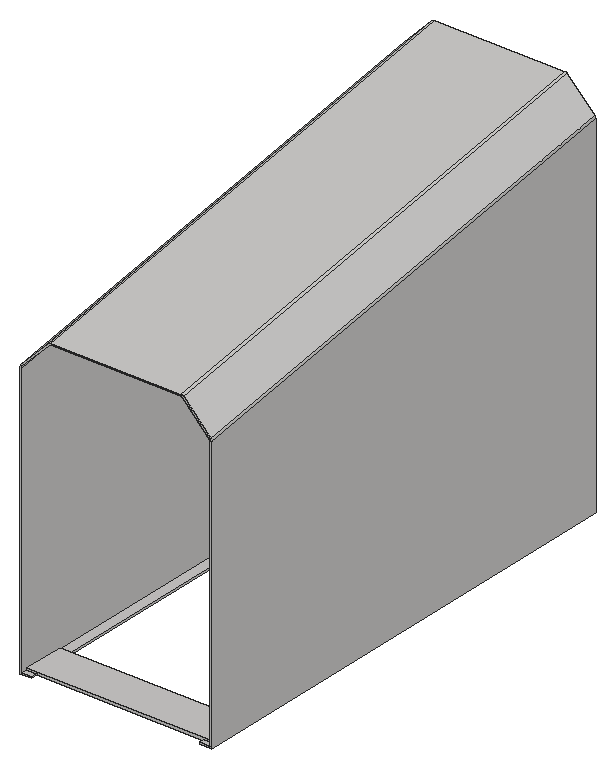
Revit family "PRD_FrankeWS_WlHngWshBsns_AnimaTrapCover_ANMX210", category Furniture, host Face, Revit 2018
Family settings
  Host = Face
  OmniClass Number = 23.40.20.21
  OmniClass Title = Toilet and Bath Specialties
  Cut with Voids When Loaded = No
  Shared = No
  Room Calculation Point = No
Parameters (values of type "ANMX210")
  WarrantyStartDate [instance] = "1900-12-31T23:59:59"
  WarrantyGuarantorParts = "n/a"
  WarrantyGuarantorLabor = "n/a"
  WarrantyDurationUnit = "year"
  WarrantyDurationParts = "n/a"
  WarrantyDurationLabor = "n/a"
  WarrantyDescription = "n/a"
  Version = "1"
  Uniclass2015Version = "Products v1.5"
  Uniclass2015Title = "Wall-hung wash basins"
  Uniclass2015Code = "Pr_40_20_96_96"
  URL = "www.kwc.com"
  TrapCoverMaterial = PRD_AR_StainlessSteel_SatinFinished
  TagNumber [instance] = "n/a"
  SustainabilityPerformance = "n/a"
  Style = "Trap cover"
  Size = "160 x 401 x 322 mm"
  Shape = "n/a"
  SerialNumber [instance] = "n/a"
  Revision = "n/a"
  ReplacementCost = "n/a"
  ProductInformation = "https://pim.kwc.com/product/2000056723/attachment/datasheet?locale=en"
  NominalWidth = 0 mm
  NominalLength = 160 mm
  NominalHeight = 401 mm
  NominalDepth = 322 mm
  NetWeight = 2.70 kg
  Name = "ANIMA trap cover ANMX210"
  NBSTypeID = "n/a"
  NBSReference = "45-35-70/369"
  NBSOfficeMasterTag = "n/a"
  NBSNote = "n/a"
  NBSDescription = "Wall hung wash basins"
  NBSCertification = "n/a"
  ModelReference = "ANMX210"
  ModelNumber = "2000056723"
  Model = ModelReference  # "ANMX210"
  Material = "Stainless steel 1.4301"
  ManufacturerURL = "www.kwc.com"
  ManufacturerName = "KWC Group AG"  # constant formula
  Manufacturer = ManufacturerName  # "KWC Group AG"
  MainColor = "Stainless steel"
  InstallationDate [instance] = "1900-12-31T23:59:59"
  IfcExportType = "NOTDEFINED"
  IfcExportAs = "IfcFurnitureType"
  GrossWeight = 3.50 kg
  Grade = "n/a"
  Finish = "Satin finished"
  Features = "stainless steel, 1.00 mm, satin finished, wall mounting, 160x401x322 mm (WxHxD)"
  ExpectedLife = "n/a"
  DurationUnit = "year"
  Description = "Wall mounted trap cover for wash basin WT600C, stainless steel, surface satin finished, material thickness 1 mm, not closed at bottom, incl. screws, dowels and brackets."
  Default Elevation = 700 mm
  Constituents = "n/a"
  Color = "Stainless steel"
  CodePerformance = "n/a"
  Category = "Pr_40_20_96_96, Wall-hung wash basins"
  BarCode [instance] = "n/a"
  BIMObjectName = "PRD_AR_WallHungWashBasins_AnimaTrapCover_ANMX210"
  Author = "Archispace"  # constant formula
  AssetType = "Fixed"
  AssetIdentifier [instance] = "n/a"
  AccessibilityPerformance = "n/a"
Reference planes
  plane 1 "Center (Front/Back)": y = 0
  plane 2: z = 0
  plane 3 "Center (Left/Right)": x = 0
Forms (mm)
  Blend 1, solid, material "PRD_AR_StainlessSteel_SatinFinished" <- "TrapCoverMaterial", detail levels fine
    base sketch origin (0, 0, 0) x (1, 0, 0) y (0, 0, 1)
      loop
        arc (-78.895, 295.227) -> (-78.75, 295.977) -> (-78.334, 296.617) r 2
        line (-78.334, 296.617) -> (-55.662, 320.094)
        arc (-55.662, 320.094) -> (-55.005, 320.546) -> (-54.223, 320.705) r 2
        line (-54.223, 320.705) -> (54.223, 320.705)
        arc (54.223, 320.705) -> (55.005, 320.546) -> (55.662, 320.094) r 2
        line (55.662, 320.094) -> (78.334, 296.617)
        arc (78.334, 296.617) -> (78.75, 295.977) -> (78.895, 295.227) r 2
        line (78.895, 295.227) -> (78.895, 1) -> (69.895, 1) -> (69.895, 0) -> (79.895, 0) -> (79.895, 295.218)
        arc (79.895, 295.218) -> (79.677, 296.342) -> (79.053, 297.302) r 3
        line (79.053, 297.302) -> (56.385, 320.776)
        arc (56.385, 320.776) -> (55.399, 321.453) -> (54.227, 321.692) r 3
        line (54.227, 321.692) -> (-54.227, 321.692)
        arc (-54.227, 321.692) -> (-55.399, 321.453) -> (-56.385, 320.776) r 3
        line (-56.385, 320.776) -> (-79.053, 297.302)
        arc (-79.053, 297.302) -> (-79.677, 296.342) -> (-79.895, 295.218) r 3
        line (-79.895, 295.218) -> (-79.895, 0) -> (-69.895, 0) -> (-69.895, 1) -> (-78.895, 1) -> (-78.895, 295.227)
    top sketch origin (0, 0, 0) x (1, 0, 0) y (0, 0, 1)
      loop
        arc (-78.895, 229.227) -> (-78.75, 229.977) -> (-78.334, 230.617) r 2
        line (-78.334, 230.617) -> (-55.662, 254.094)
        arc (-55.662, 254.094) -> (-55.005, 254.546) -> (-54.223, 254.705) r 2
        line (-54.223, 254.705) -> (54.223, 254.705)
        arc (54.223, 254.705) -> (55.005, 254.546) -> (55.662, 254.094) r 2
        line (55.662, 254.094) -> (78.334, 230.617)
        arc (78.334, 230.617) -> (78.75, 229.977) -> (78.895, 229.227) r 2
        line (78.895, 229.227) -> (78.895, 1) -> (69.895, 1) -> (69.895, 0) -> (79.895, 0) -> (79.895, 229.218)
        arc (79.895, 229.218) -> (79.677, 230.342) -> (79.053, 231.302) r 3
        line (79.053, 231.302) -> (56.385, 254.776)
        arc (56.385, 254.776) -> (55.399, 255.453) -> (54.227, 255.692) r 3
        line (54.227, 255.692) -> (-54.227, 255.692)
        arc (-54.227, 255.692) -> (-55.399, 255.453) -> (-56.385, 254.776) r 3
        line (-56.385, 254.776) -> (-79.053, 231.302)
        arc (-79.053, 231.302) -> (-79.677, 230.342) -> (-79.895, 229.218) r 3
        line (-79.895, 229.218) -> (-79.895, 0) -> (-69.895, 0) -> (-69.895, 1) -> (-78.895, 1) -> (-78.895, 229.227)
    from 0 to 401
  Extrusion 2, solid, material "PRD_AR_StainlessSteel_SatinFinished" <- "TrapCoverMaterial", detail levels fine
    sketch origin (0, 0, 0) x (1, 0, 0) y (0, 0, 1)
      loop
        line (-78.895, 0) -> (78.895, 0) -> (78.895, 2) -> (-78.895, 2) -> (-78.895, 0)
    from 5 to 40
  Extrusion 3, solid, material "PRD_AR_StainlessSteel_SatinFinished" <- "TrapCoverMaterial", detail levels fine
    sketch origin (0, 0, 0) x (1, 0, 0) y (0, 0, 1)
      loop
        line (-78.895, 0) -> (78.895, 0) -> (78.895, 2) -> (-78.895, 2) -> (-78.895, 0)
    from 361 to 396
  Blend 4, solid, material "PRD_AR_StainlessSteel_SatinFinished" <- "TrapCoverMaterial", detail levels coarse+medium
    base sketch origin (0, 0, 0) x (1, 0, 0) y (0, 0, 1)
      loop
        line (79.895, 0) -> (79.895, 296.43) -> (55.5, 321.692) -> (-55.5, 321.692) -> (-79.895, 296.43) -> (-79.895, 0) -> (79.895, 0)
    top sketch origin (0, 0, 0) x (1, 0, 0) y (0, 0, 1)
      loop
        line (79.895, 0) -> (79.895, 230.43) -> (55.5, 255.692) -> (-55.5, 255.692) -> (-79.895, 230.43) -> (-79.895, 0) -> (79.895, 0)
    from 0 to 401
Cuts and joins
  joined: Blend 1, Extrusion 2, Extrusion 3
Dimensions and locks
  aligned and locked: plane 2 to host face
  aligned and locked: level to host face
